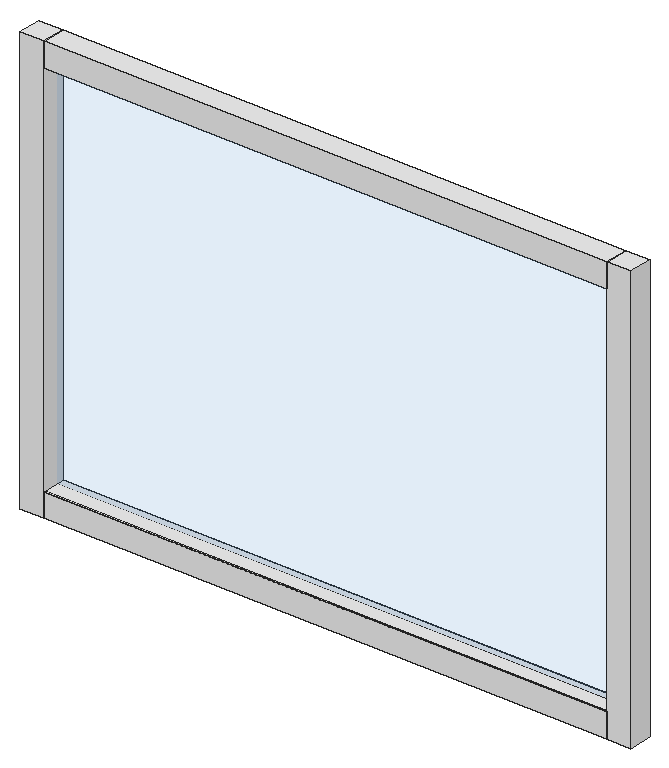
Revit family "Window_Curtain_Wall-Casement_Outswing-Kawneer-AA4325", category Windows, Revit 2015
Parameters (values of type "AA4325 - Outswing - Active")
  Window Width [instance] = if(CTRL Opening Width - Window Right Inset - Window Left Inset < Width Minimum, Width Minimum, if(CTRL Opening Width - Window Right Inset - Window Left Inset > Width Maximum, Width Maximum, CTRL Opening Width - Window Right Inset - Window Left Inset))  # 7' - 1.78655"
  Window Top Inset [instance] = 0' - 0"  # constant formula
  Window Right Inset [instance] = 0' - 0"  # constant formula
  Window Left Inset [instance] = 0' - 0"  # constant formula
  Window Height [instance] = if(CTRL Opening Height - Window Top Inset - Window Bottom Inset < Height Minimum, Height Minimum, if(CTRL Opening Height - Window Top Inset - Window Bottom Inset > Height Maximum, Height Maximum, CTRL Opening Height - Window Top Inset - Window Bottom Inset))  # 5' - 0"
  Window Bottom Inset [instance] = 0' - 0"  # constant formula
  Width Minimum = 1' - 0"
  Width Maximum = 10' - 0"
  URL = "http://www.kawneer.com/kawneer/north_america/en/info_page/home.asp"
  Type Comments = ""
  Sill Width = 0' - 3 3/8"  # constant formula
  Product data url = "https://bimobject.com/kawneerna/product/43250"
  Panel Configuration = if(CTRL Configuration Number < 2, "X", if(CTRL Configuration Number = 2, "XX", if(CTRL Configuration Number = 3, "X O-Top", if(CTRL Configuration Number = 4, "XX O-Top", if(CTRL Configuration Number = 5, "XX OO-Top", "X")))))  # "X"
  Model = "AA 4325"  # constant formula
  Manufacturer = "Kawneer"  # constant formula
  Keynote = ""
  Jamb Width = 0' - 3 3/8"  # constant formula
  Height Minimum = 1' - 5"
  Height Maximum = 5' - 0"
  Head Width = if(CTRL Configuration Number > 2, 0' 2 1/4", 0' 3 3/8")  # 0' - 3 3/8"
  Has Triple Glazing [instance] = not(Has Dual Glazing)  # no
  Has Fixed Panel Top [instance] = or(CTRL Configuration Number = 3, CTRL Configuration Number = 4, CTRL Configuration Number = 5)  # no
  Has Equal Panel Heights [instance] = yes
  Has Dual Glazing [instance] = yes
  Glazing Thickness [instance] = if(Has Triple Glazing, 0' 2", 0' 1")  # 0' - 1"
  Glazing Material = Glass - Kawneer - Clear
  Frame Material = Metal - Kawneer - Aluminum
  Fixed Panel Height [instance] = 5' - 0"
  Fixed Jamb Width = 0' - 2 1/4"  # constant formula
  Description = " Casement Outswing Window"  # constant formula
  Depth = 0' - 3 1/4"  # constant formula
  Copyright © = ""
  Construction Type = ""
  Interior Offset [instance] = 0' - 0"  # constant formula
  Center Mullion Width = 0' - 3 1/4"  # constant formula
  CTRL Right Panel Inset [instance] = Depth + 0' 0 1/8"  # 0' - 3 3/8"
  CTRL Panel Right Visibility [instance] = or(CTRL Configuration Number = 2, CTRL Configuration Number = 4, CTRL Configuration Number = 5)  # no
  CTRL Panel Middle Visibility [instance] = or(CTRL Configuration Number > 2)  # no
  CTRL Panel Left Visibility [instance] = 1 = 1  # yes
  CTRL Panel Fixed Width [instance] = if(CTRL Configuration Number > 2, Window Width, CTRL Panel Active Width)  # 6' - 11.97405"
  CTRL Panel Fixed Top Inset [instance] = 0' - 0"  # constant formula
  CTRL Panel Fixed Right Inset [instance] = 0' - 0"  # constant formula
  CTRL Panel Fixed Height [instance] = if(Has Equal Panel Heights, if((Fixed Panel Height + Active Panel Height) / 2 > Height Maximum, Height Maximum, if(Fixed Panel Height > Height Maximum, (Fixed Panel Height + Active Panel Height) / 2, if(Fixed Panel Height < Height Minimum, (Fixed Panel Height + Active Panel Height) / 2, (Fixed Panel Height + Active Panel Height) / 2))), if(Fixed Panel Height > Height Maximum, Height Maximum, if(Fixed Panel Height > Height Maximum, Height Maximum, if(Fixed Panel Height < Height Minimum, Height Minimum, Fixed Panel Height))))  # 5' - 0"
  CTRL Panel Active Width [instance] = if(CTRL Configuration Number > 3, (Window Width / 2) - 0' 0 29/32", if(CTRL Configuration Number > 2, (Window Width) - (0' 0 29/32" * 2), if(CTRL Configuration Number > 2, (Window Width / 3), if(CTRL Configuration Number > 1, (Window Width / 2) - 0' 0 29/32", if(CTRL Configuration Number > 1, (Window Width / 2), Window Width - (0' 0 29/32" * 2))))))  # 6' - 11.97405"
  CTRL Panel Active Top Inset [instance] = if(Has Fixed Panel Top, CTRL Panel Fixed Height, 0' 1")  # 0' - 1"
  CTRL Panel Active Right Inset [instance] = 0' - 0 29/32"  # constant formula
  CTRL Panel Active Frame Width = 0' - 2 11/32"  # constant formula
  CTRL Panel Active Height [instance] = if(CTRL Configuration Number < 3, Window Height - 0' 2", if(Has Equal Panel Heights, if(((Fixed Panel Height + Active Panel Height) / 2) - 0' 1" > Height Maximum, Height Maximum - 0' 1", if(Active Panel Height > Height Maximum, ((Fixed Panel Height + Active Panel Height) / 2) - 0' 1", if(Active Panel Height < Height Minimum, ((Fixed Panel Height + Active Panel Height) / 2) - 0' 1", ((Fixed Panel Height + Active Panel Height) / 2) - 0' 1"))), if(Active Panel Height > Height Maximum, Height Maximum - 0' 1", if(Active Panel Height < Height Minimum, Height Minimum - 0' 1", Active Panel Height - 0' 1"))))  # 4' - 10"
  CTRL Lite Width [instance] = if(CTRL Configuration Number > 2, ((Window Width) - (0' 2 7/16" * 2) - 0' 5") / 3, ((Window Width) - (0' 2 7/16" * 2) - 0' 2 1/2") / 2)  # 3' - 3.20577"
  CTRL Opening Width [instance] = 7' - 1.78655"
  CTRL Opening Height [instance] = 5' - 11 3/4"
  CTRL Middle Panel Inset [instance] = 0' - 0"  # constant formula
  CTRL Left Panel Inset [instance] = Depth + 0' 0 1/8"  # 0' - 3 3/8"
  Exterior Offset [instance] = 0' - 0"  # constant formula
  CTRL Configuration Number = 1
  CTRL Center Mullion Visiblility = or(CTRL Configuration Number = 5)  # no
  CTRL Active Panel Frame Offset [instance] = if(Has Fixed Panel Top, CTRL Panel Fixed Height, 0' 0")  # 0' - 0"
  CTRL Active Head Visibility = or(CTRL Configuration Number = 1, CTRL Configuration Number = 2)  # yes
  Assembly Code = "B2020110"
  Active Panel Height [instance] = 5' - 0"
Reference planes (in)
  plane 1 "Front": y = 0
  plane 2 "Original Ref. Plane": z = 0
  plane 3 "Center (Left/Right)": x = 0
  plane 4 "Left": x = -42.89327
  plane 5 "Right": x = 42.89327
  plane 6 "Top": z = 71.75
  plane 7 "Window Interior Offset": y = 0
  plane 8 "Window Center F/B": y = 0
  plane 9 "Exterior/Back": y = 1.625
  plane 10 "Interior/Front": y = -1.625
  plane 11 "Window Left": x = -42.89327
  plane 12 "Window Right": x = 42.89327
  plane 13 "Window Top": z = 60
  plane 14 "Head Bottom": z = 56.625
  plane 15 "Frame Left": x = -39.51827
  plane 16 "Frame Right": x = 39.51827
  plane 17 "Sill Top": z = 3.375
  plane 18 "Window Bottom": z = 0
  plane 19 "Panel Right L Inset": x = -39.64327
  plane 20 "Panel Right L": x = -41.98702
  plane 21 "Active Panel Top Inset": z = 56.65625
  plane 22 "Right Glass Ext. Offset": y = 1.75
  plane 23 "Right Glass Int. Offset": y = -1.5
  plane 24 "Right Panel Center L/R": y = 0.125
  plane 25 "Right Glass Exterior": y = 1.625
  plane 26 "Right Glass Interior": y = 0.625
  plane 27 "Mid Glass Int. Offset": y = -1.625
  plane 28 "Mid Panel Center L/R": y = 0
  plane 29 "Left Glass Ext. Offset": y = 1.75
  plane 30 "Left Glass Int. Offset": y = -1.5
  plane 31 "Left Glass Exterior": y = 1.625
  plane 32 "Left Glass Interior": y = 0.625
  plane 33 "Panel Left R": x = 41.98702
  plane 34 "Panel Left R Inset": x = 39.64327
  plane 35 "Mid Panel Left Rail R": x = -37.70577
  plane 36 "Mid Panel Left Rail L": x = -41.08077
  plane 37 "Mid Panel Right Rail R": x = 42.89327
  plane 38 "Mid Panel Right Rail L": x = 39.51827
  plane 39 "Exterior/Back Inset": y = 1.53125
  plane 40 "Interior/Front Inset": y = -1.53125
  plane 41 "Panel Right Center L/R": x = 0
  plane 42 "Panel Middle Center L/R": x = 0.90625
  plane 43 "Panel Left Center L/R": x = 0
  plane 44 "Left Panel Center L/R": y = 0.125
  plane 45 "Center Elevation": z = 30
  plane 46: y = -4.84375
  plane 47 "Active Panel Top": z = 59
  plane 48 "Panel Right R": x = 41.98702
  plane 49 "Panel Right R Inset": x = 39.64327
  plane 50 "Fixed Panel Top Inset": z = 56.625
  plane 51 "Fixed Panel Top": z = 60
  plane 52 "Active Panel Bottom": z = 1
  plane 53: z = 2.34375
  plane 54 "Active Panel Bottom Inset": z = 3.34375
  plane 55 "Panel Left L": x = -41.98702
  plane 56 "Panel Left L Inset": x = -39.64327
  plane 57 "Fixed Panel Bottom": z = 0
  plane 58 "Fixed Panel Bottom Inset": z = 3.375
  plane 59 "Left Glass Center L/R": y = 1.125
  plane 60 "Right Glass Center L/R": y = 1.125
  plane 61 "Fixed Glass Center T/B": z = 28.3125
  plane 62 "Center Mullion Right": x = 1.625
  plane 63 "Center Mullion Left": x = -1.625
  plane 64 "Fixed Jamb Right": x = 40.64327
  plane 65 "Fixed Jamb Left": x = -40.64327
  plane 66 "Active Panel Frame Top": z = 60
Forms (in)
  Sweep 1, solid, material "Metal - Kawneer - Aluminum" <- "Frame Material"
    path origin (-167.07026, 0, 40.44358) x (-1, 0, 0) y (0, 0, 1)
      loop
        line (-167.07026, -40.44358) -> (-167.07026, 19.55642)
    profile origin (0, 0, 30) x (1, 0, 0) y (0, 1, 0)
      loop
        line (-39.51827, -1.625) -> (-39.51827, 1.625) -> (-42.89327, 1.625) -> (-42.89327, -1.625) -> (-39.51827, -1.625)
      loop
        line (39.51827, -1.625) -> (42.89327, -1.625) -> (42.89327, 1.625) -> (39.51827, 1.625) -> (39.51827, -1.625)
  Sweep 2, solid, material "Metal - Kawneer - Aluminum" <- "Frame Material"
    path origin (-167.07026, 0, 40.31858) x (-1, 0, 0) y (0, 0, 1)
      loop
        line (-206.58854, -40.07858) -> (-127.55199, -40.07858)
    profile origin (0, 0, 0.24) x (0, 0, 1) y (0, 1, 0)
      loop
        line (3.135, -1.625) -> (3.135, 1.5625) -> (-0.24, 1.5625) -> (-0.24, -1.625) -> (3.135, -1.625)
  Sweep 3, solid, material "Metal - Kawneer - Aluminum" <- "Frame Material", visible <- "CTRL Active Head Visibility"
    path origin (-168.26142, 0, 112.26409) x (-1, 0, 0) y (0, 0, 1)
      loop
        line (-207.77969, -55.63909) -> (-128.74314, -55.63909)
    profile origin (0, 0, 56.625) x (0, 0, 1) y (0, 1, 0)
      loop
        line (0, 1.5625) -> (0, -1.625) -> (3.375, -1.625) -> (3.375, 1.5625) -> (0, 1.5625)
  Sweep 4, solid, material "Metal - Kawneer - Aluminum" <- "Frame Material"
    path origin (-167.33417, 0, 38.73517) x (-1, 0, 0) y (0, 0, 1)
      loop
        line (-206.85244, -38.73517) -> (-127.81589, -38.73517)
    profile origin (0, 0, 0) x (0, 0, 1) y (0, 1, 0)
      loop
        line (0, 1.625) -> (0, 1.5625) -> (3.375, 1.5625) -> (3.375, 1.625) -> (0, 1.625)
  Sweep 5, solid, material "Metal - Kawneer - Aluminum" <- "Frame Material", visible <- "CTRL Active Head Visibility"
    path origin (-168.38114, 0, 110.6278) x (-1, 0, 0) y (0, 0, 1)
      loop
        line (-207.89942, -50.6278) -> (-128.86287, -50.6278)
    profile origin (0, 0, 60) x (0, 0, 1) y (0, 1, 0)
      loop
        line (-3.375, 1.625) -> (-3.375, 1.5625) -> (0, 1.5625) -> (0, 1.625) -> (-3.375, 1.625)
  Sweep 6, solid, material "Glass - Kawneer - Clear" <- "Glazing Material", visible <- "CTRL Panel Left Visibility"
    path origin (0, -5.15625, 0) x (-1, 0, 0) y (0, 0, 1)
      loop
        line (39.64327, 3.34375) -> (-39.64327, 3.34375)
    profile origin (0, -5.15625, 3.34375) x (0, 0, -1) y (0, 1, 0)
      loop
        line (0, 6.78125) -> (-53.3125, 6.78125) -> (-53.3125, 5.78125) -> (0, 5.78125) -> (0, 6.78125)
  Sweep 7, solid, material "Glass - Kawneer - Clear" <- "Glazing Material", visible <- "CTRL Panel Right Visibility"
    path origin (0, 0.125, 0) x (-1, 0, 0) y (0, 0, 1)
      loop
        line (39.64327, 3.34375) -> (-39.64327, 3.34375)
    profile origin (0, 0.125, 3.34375) x (0, 0, -1) y (0, 1, 0)
      loop
        line (0, 1.5) -> (-53.3125, 1.5) -> (-53.3125, 0.5) -> (0, 0.5) -> (0, 1.5)
  Sweep 8, solid, material "Glass - Kawneer - Clear" <- "Glazing Material", visible <- "CTRL Panel Middle Visibility"
    path origin (0, 0, 0) x (-1, 0, 0) y (0, 0, 1)
      loop
        line (40.64327, 3.375) -> (-40.64327, 3.375)
    profile origin (0, 0, 3.375) x (0, 0, -1) y (0, 1, 0)
      loop
        line (0, 1.5) -> (-53.25, 1.5) -> (-53.25, 0.5) -> (0, 0.5) -> (0, 1.5)
  Sweep 9, solid, material "Metal - Kawneer - Aluminum" <- "Frame Material", visible <- "CTRL Panel Middle Visibility"
    path origin (0, 0, 0) x (-1, 0, 0) y (0, 0, 1)
      loop
        line (-40.64327, 60) -> (40.64327, 60)
    profile origin (0, 0, 60) x (0, 0, 1) y (0, 1, 0)
      loop
        line (0, -1.625) -> (0, 1.625) -> (-3.375, 1.625) -> (-3.375, -1.625) -> (0, -1.625)
      loop
        line (-60, 1.625) -> (-60, -1.625) -> (-56.625, -1.625) -> (-56.625, 1.625) -> (-60, 1.625)
  Sweep 10, solid, material "Metal - Kawneer - Aluminum" <- "Frame Material", visible <- "CTRL Panel Right Visibility"
    path origin (0, 0.125, 0) x (-1, 0, 0) y (0, 0, 1)
      loop
        line (-41.98702, 59) -> (-41.98702, 1) -> (41.98702, 1) -> (41.98702, 59) -> (-41.98702, 59)
    profile origin (41.98702, 0.125, 30) x (0, 1, 0) y (-1, 0, 0)
      loop
        line (-1.625, 0) -> (1.625, 0) -> (1.625, 2.34375) -> (-1.625, 2.34375) -> (-1.625, 0)
  Sweep 11, solid, material "Metal - Kawneer - Aluminum" <- "Frame Material", visible <- "CTRL Panel Left Visibility"
    path origin (0, 0.125, 0) x (-1, 0, 0) y (0, 0, 1)
      loop
        line (41.98702, 59) -> (-41.98702, 59) -> (-41.98702, 1) -> (41.98702, 1) -> (41.98702, 59)
    profile origin (-41.98702, 0.125, 30) x (0, 1, 0) y (-1, 0, 0)
      loop
        line (-1.625, 0) -> (-1.625, -2.34375) -> (1.625, -2.34375) -> (1.625, 0) -> (-1.625, 0)
  Sweep 12, solid, material "Metal - Kawneer - Aluminum" <- "Frame Material", visible <- "CTRL Panel Middle Visibility"
    path origin (0, 0, 0) x (-1, 0, 0) y (0, 0, 1)
      loop
        line (-0.90625, 0) -> (-0.90625, 60)
    profile origin (0.90625, 0, 30) x (1, 0, 0) y (0, 1, 0)
      loop
        line (-41.54952, -1.625) -> (-41.54952, 1.625) -> (-41.98702, 1.625) -> (-41.98702, -1.625) -> (-41.54952, -1.625)
      loop
        line (39.73702, -1.625) -> (41.98702, -1.625) -> (41.98702, 1.625) -> (39.73702, 1.625) -> (39.73702, -1.625)
  Sweep 13, solid, material "Metal - Kawneer - Aluminum" <- "Frame Material", visible <- "CTRL Center Mullion Visiblility"
    path origin (0, 0.125, 0) x (-1, 0, 0) y (0, 0, 1)
      loop
        line (0, 3.375) -> (0, 56.625)
    profile origin (0, 0.125, 30) x (1, 0, 0) y (0, 1, 0)
      loop
        line (-1.625, 1.5) -> (-1.625, -1.75) -> (1.625, -1.75) -> (1.625, 1.5) -> (-1.625, 1.5)
Cuts and joins
  joined: Sweep 2, Sweep 4
  joined: Sweep 3, Sweep 5
  joined: Sweep 9, Sweep 12
Lines and regions (in)
  Masking region 1
    outline origin (0, 0, 71.75) x (0, -1, 0) y (1, 0, 0)
      loop
        line (1.625, 42.89327) -> (-1.75, 42.89327) -> (-1.75, -42.89327) -> (1.625, -42.89327) -> (1.625, 42.89327)
  Masking region 2, not visible
    outline origin (0, 0, 30) x (1, 0, 0) y (0, 1, 0)
      loop
        line (-42.89327, 1.625) -> (-42.89327, 1.5625) -> (-39.51827, 1.5625) -> (-39.51827, 1.625) -> (-42.89327, 1.625)
  Masking region 3, visible <- "Has Fixed Panel Top"
    outline origin (0, 0.125, 0) x (-1, 0, 0) y (0, 0, 1)
      loop
        line (-42.89327, 60) -> (-42.89327, 0) -> (42.89327, 0) -> (42.89327, 60) -> (-42.89327, 60)
      loop
        line (-40.64327, 56.625) -> (-40.64327, 3.375) -> (40.64327, 3.375) -> (40.64327, 56.625) -> (-40.64327, 56.625)
  Masking region 4, visible <- "Has Fixed Panel Top"
    outline origin (0, 0.125, 0) x (-1, 0, 0) y (0, 0, 1)
      loop
        line (-40.64327, 56.625) -> (-40.64327, 3.375) -> (40.64327, 3.375) -> (40.64327, 56.625) -> (-40.64327, 56.625)
  Masking region 5
    outline origin (0, 0.125, 0) x (-1, 0, 0) y (0, 0, 1)
      loop
        line (-42.89327, 60) -> (-42.89327, 0) -> (-39.51827, 0) -> (-39.51827, 60) -> (-42.89327, 60)
      loop
        line (39.51827, 60) -> (39.51827, 0) -> (42.89327, 0) -> (42.89327, 60) -> (39.51827, 60)
  Masking region 6, visible <- "CTRL Center Mullion Visiblility"
    outline origin (0, 0.125, 0) x (-1, 0, 0) y (0, 0, 1)
      loop
        line (-1.625, 56.625) -> (-1.625, 3.375) -> (1.625, 3.375) -> (1.625, 56.625) -> (-1.625, 56.625)
  Masking region 7, visible <- "CTRL Panel Right Visibility"
    outline origin (0, 0.125, 0) x (-1, 0, 0) y (0, 0, 1)
      loop
        line (-39.51827, 56.65625) -> (-39.51827, 3.375) -> (39.64327, 3.375) -> (39.64327, 56.65625) -> (-39.51827, 56.65625)
  Masking region 8, visible <- "CTRL Panel Left Visibility"
    outline origin (0, 0.125, 0) x (-1, 0, 0) y (0, 0, 1)
      loop
        line (-39.64327, 56.65625) -> (-39.64327, 3.375) -> (39.51827, 3.375) -> (39.51827, 56.65625) -> (-39.64327, 56.65625)
  Masking region 9
    outline origin (0, 0.125, 0) x (-1, 0, 0) y (0, 0, 1)
      loop
        line (-39.51827, 3.375) -> (-39.51827, 0) -> (39.51827, 0) -> (39.51827, 3.375) -> (-39.51827, 3.375)
  Masking region 10, visible <- "CTRL Panel Right Visibility"
    outline origin (0, 1.75, 0) x (-1, 0, 0) y (0, 0, 1)
      loop
        line (-41.98702, 59) -> (-41.98702, 1) -> (41.98702, 1) -> (41.98702, 59) -> (-41.98702, 59)
      loop
        line (-39.51827, 56.65625) -> (-39.51827, 3.375) -> (39.64327, 3.375) -> (39.64327, 56.65625) -> (-39.51827, 56.65625)
  Masking region 11, visible <- "CTRL Panel Left Visibility"
    outline origin (0, 1.75, 0) x (-1, 0, 0) y (0, 0, 1)
      loop
        line (-41.98702, 59) -> (-41.98702, 1) -> (41.98702, 1) -> (41.98702, 59) -> (-41.98702, 59)
      loop
        line (-39.64327, 56.65625) -> (-39.64327, 3.375) -> (39.51827, 3.375) -> (39.51827, 56.65625) -> (-39.64327, 56.65625)
  Masking region 12, visible <- "CTRL Active Head Visibility"
    outline origin (0, 0.125, 0) x (-1, 0, 0) y (0, 0, 1)
      loop
        line (-39.51827, 60) -> (-39.51827, 56.625) -> (39.51827, 56.625) -> (39.51827, 60) -> (-39.51827, 60)
  Masking region 13
    outline origin (42.89327, 0, 0) x (0, -1, 0) y (0, 0, 1)
      loop
        line (1.625, 60) -> (-1.75, 60) -> (-1.75, 0) -> (1.625, 0) -> (1.625, 60)
  symbolic lines, style "Elevation Swing", visible <- "CTRL Panel Right Visibility", detail levels fine
    curve 1: line (-39.64327, 0.125, 56.65625) -> (39.64327, 0.125, 30)
    curve 2: line (-39.64327, 0.125, 3.34375) -> (39.64327, 0.125, 30)
  symbolic lines, style "Elevation Swing", visible <- "CTRL Panel Left Visibility", detail levels fine
    curve 3: line (39.64327, 0.125, 56.65625) -> (-39.64327, 0.125, 30)
    curve 4: line (39.64327, 0.125, 3.34375) -> (-39.64327, 0.125, 30)
  symbolic lines, style "WindowsFrameMullionProjection"
    curve 5: line (-39.51827, 1.75, 30) -> (-39.51827, -1.625, 30)
    curve 12: line (39.64327, 1.625, 30) -> (39.64327, -1.625, 30)
    curve 16: line (42.89327, -1.625, 56.65625) -> (42.89327, 1.75, 56.65625)
    curve 17: line (42.89327, -1.625, 3.375) -> (42.89327, 1.625, 3.375)
    curve 24: line (39.64327, 1.625, 30) -> (39.64327, 1.75, 30)
  symbolic lines, style "WindowsFrameMullionProjection", visible <- "CTRL Panel Right Visibility"
    curve 6: line (39.64327, 1.75, 30) -> (39.64327, -1.625, 30)
    curve 13: line (-39.64327, 1.75, 30) -> (-39.64327, -1.625, 30)
  symbolic lines, style "WindowsGlassProjection", visible <- "CTRL Panel Left Visibility", detail levels medium+fine
    curve 7: line (-39.51827, 0.625, 30) -> (39.64327, 0.625, 30)
    curve 8: line (39.64327, 1.625, 30) -> (-39.51827, 1.625, 30)
  symbolic lines, style "WindowsGlassProjection", visible <- "CTRL Panel Right Visibility", detail levels medium+fine
    curve 9: line (-39.64327, 1.625, 30) -> (39.64327, 1.625, 30)
    curve 10: line (39.64327, 0.625, 30) -> (-39.64327, 0.625, 30)
  symbolic lines, style "WindowsGlassProjection", visible <- "CTRL Panel Left Visibility", detail levels coarse
    curve 11: line (39.64327, 1.125, 30) -> (-39.51827, 1.125, 30)
  symbolic lines, style "WindowsFrameMullionProjection", visible <- "Has Fixed Panel Top"
    curve 14: line (42.89327, -1.625, 56.625) -> (42.89327, 1.75, 56.625)
    curve 15: line (42.89327, -1.625, 3.375) -> (42.89327, 1.75, 3.375)
  symbolic lines, style "WindowsGlassProjection", visible <- "Has Fixed Panel Top", detail levels medium+fine
    curve 18: line (42.89327, 0.625, 56.625) -> (42.89327, 0.625, 3.375)
    curve 19: line (42.89327, 1.625, 3.375) -> (42.89327, 1.625, 56.625)
  symbolic lines, style "WindowsGlassProjection", visible <- "Has Fixed Panel Top", detail levels coarse
    curve 20: line (42.89327, 1.125, 56.625) -> (42.89327, 1.125, 3.375)
  symbolic lines, style "WindowsGlassProjection", detail levels medium+fine
    curve 21: line (42.89327, 0.625, 56.65625) -> (42.89327, 0.625, 3.375)
    curve 22: line (42.89327, 1.625, 56.65625) -> (42.89327, 1.625, 3.375)
  symbolic lines, style "WindowsGlassProjection", detail levels coarse
    curve 23: line (42.89327, 1.125, 56.65625) -> (42.89327, 1.125, 3.375)
  symbolic lines, style "WindowsGlassProjection", visible <- "CTRL Panel Right Visibility", detail levels coarse
    curve 25: line (-39.64327, 1.125, 30) -> (39.64327, 1.125, 30)
Text (in)
  text "Exterior" at (-89.86254, 22.28177, 0), in view "Ref. Level"
  text "Exterior" at (480, 41.53993, 89.60405), in view "Right"
  text "Exterior" at (-240, 57.82419, 105.78864), in view "Left"
Dimensions and locks (in)
  "Interior Offset": plane 7 "Window Interior Offset" to plane 1 "Front"
  "Exterior Offset": plane 8 "Window Center F/B" to plane 7 "Window Interior Offset"
  equal spacing: plane 9 "Exterior/Back", plane 8 "Window Center F/B", plane 10 "Interior/Front"
  "Depth": plane 9 "Exterior/Back" to plane 10 "Interior/Front"
  "Head Width": plane 14 "Head Bottom" to plane 13 "Window Top"
  "Jamb Width": plane 16 "Frame Right" to plane 12 "Window Right"
  "Jamb Width": plane 11 "Window Left" to plane 15 "Frame Left"
  "Sill Width": plane 18 "Window Bottom" to plane 17 "Sill Top"
  "CTRL Opening Width": plane 4 "Left" to plane 5 "Right"
  "Glazing Thickness": plane 26 "Right Glass Interior" to plane 25 "Right Glass Exterior"
  "Glazing Thickness": plane 32 "Left Glass Interior" to plane 31 "Left Glass Exterior"
  "CTRL Panel Active Frame Width": plane 34 "Panel Left R Inset" to plane 33 "Panel Left R"
  "Jamb Width": plane 38 "Mid Panel Right Rail L" to plane 37 "Mid Panel Right Rail R"
  "Jamb Width": plane 36 "Mid Panel Left Rail L" to plane 35 "Mid Panel Left Rail R"
  locked: plane 10 "Interior/Front" to plane 40 "Interior/Front Inset" at 0.09375
  locked: plane 39 "Exterior/Back Inset" to plane 9 "Exterior/Back" at 0.09375
  "CTRL Right Panel Inset": plane 10 "Interior/Front" to plane 22 "Right Glass Ext. Offset"
  "CTRL Middle Panel Inset": plane 10 "Interior/Front" to plane 27 "Mid Glass Int. Offset"
  "CTRL Left Panel Inset": plane 10 "Interior/Front" to plane 29 "Left Glass Ext. Offset"
  "Window Left Inset": plane 4 "Left" to plane 11 "Window Left"
  "Window Width": plane 11 "Window Left" to plane 12 "Window Right"
  "Window Bottom Inset": plane 2 "Original Ref. Plane" to plane 18 "Window Bottom"
  equal spacing: plane 52 "Active Panel Bottom", plane 45 "Center Elevation", plane 47 "Active Panel Top"
  plane 38 "Mid Panel Right Rail L" to plane 37 "Mid Panel Right Rail R" = 0' - 3 3/8"
  equal spacing: plane 30 "Left Glass Int. Offset", plane 44 "Left Panel Center L/R", plane 29 "Left Glass Ext. Offset"
  "Depth": plane 30 "Left Glass Int. Offset" to plane 29 "Left Glass Ext. Offset"
  plane 27 "Mid Glass Int. Offset" to plane 28 "Mid Panel Center L/R" = 0' - 1 5/8"
  equal spacing: plane 23 "Right Glass Int. Offset", plane 24 "Right Panel Center L/R", plane 22 "Right Glass Ext. Offset"
  "Depth": plane 23 "Right Glass Int. Offset" to plane 22 "Right Glass Ext. Offset"
  locked: plane 31 "Left Glass Exterior" to plane 29 "Left Glass Ext. Offset" at 0.125
  locked: plane 25 "Right Glass Exterior" to plane 22 "Right Glass Ext. Offset" at 0.125
  "CTRL Panel Active Frame Width": plane 21 "Active Panel Top Inset" to plane 47 "Active Panel Top"
  "CTRL Panel Active Frame Width": plane 49 "Panel Right R Inset" to plane 48 "Panel Right R"
  "Head Width": plane 50 "Fixed Panel Top Inset" to plane 51 "Fixed Panel Top"
  "CTRL Panel Active Frame Width": plane 20 "Panel Right L" to plane 19 "Panel Right L Inset"
  "CTRL Panel Active Frame Width": plane 52 "Active Panel Bottom" to plane 54 "Active Panel Bottom Inset"
  locked: plane 53 to plane 54 "Active Panel Bottom Inset" at 1
  "CTRL Panel Active Frame Width": plane 56 "Panel Left L Inset" to plane 55 "Panel Left L"
  equal spacing: plane 20 "Panel Right L", plane 41 "Panel Right Center L/R", plane 48 "Panel Right R"
  equal spacing: plane 55 "Panel Left L", plane 43 "Panel Left Center L/R", plane 33 "Panel Left R"
  "Head Width": plane 57 "Fixed Panel Bottom" to plane 58 "Fixed Panel Bottom Inset"
  equal spacing: plane 36 "Mid Panel Left Rail L", plane 42 "Panel Middle Center L/R", plane 37 "Mid Panel Right Rail R"
  "CTRL Panel Active Height": plane 52 "Active Panel Bottom" to plane 47 "Active Panel Top"
  "CTRL Panel Fixed Height": plane 57 "Fixed Panel Bottom" to plane 51 "Fixed Panel Top"
  "CTRL Panel Active Width": plane 20 "Panel Right L" to plane 48 "Panel Right R"
  "CTRL Panel Active Width": plane 55 "Panel Left L" to plane 33 "Panel Left R"
  "CTRL Panel Fixed Width": plane 36 "Mid Panel Left Rail L" to plane 37 "Mid Panel Right Rail R"
  "CTRL Panel Fixed Top Inset": plane 51 "Fixed Panel Top" to plane 13 "Window Top"
  "CTRL Panel Active Top Inset": plane 47 "Active Panel Top" to plane 13 "Window Top"
  "CTRL Panel Fixed Right Inset": plane 37 "Mid Panel Right Rail R" to plane 12 "Window Right"
  "CTRL Panel Active Right Inset": plane 48 "Panel Right R" to plane 12 "Window Right"
  locked: plane 11 "Window Left" to plane 55 "Panel Left L" at 0.90625
  equal spacing: plane 32 "Left Glass Interior", plane 59 "Left Glass Center L/R", plane 31 "Left Glass Exterior"
  equal spacing: plane 26 "Right Glass Interior", plane 60 "Right Glass Center L/R", plane 25 "Right Glass Exterior"
  equal spacing: plane 57 "Fixed Panel Bottom", plane 61 "Fixed Glass Center T/B", plane 50 "Fixed Panel Top Inset"
  "Center Mullion Width": plane 62 "Center Mullion Right" to plane 63 "Center Mullion Left"
  "Fixed Jamb Width": plane 64 "Fixed Jamb Right" to plane 12 "Window Right"
  "Fixed Jamb Width": plane 11 "Window Left" to plane 65 "Fixed Jamb Left"
  "CTRL Active Panel Frame Offset": plane 66 "Active Panel Frame Top" to plane 13 "Window Top"
  plane 11 "Window Left" to plane 65 "Fixed Jamb Left" = 0' - 2 1/4"
  plane 64 "Fixed Jamb Right" to plane 12 "Window Right" = 0' - 2 1/4"
  equal spacing: plane 62 "Center Mullion Right", plane 3 "Center (Left/Right)", plane 63 "Center Mullion Left"
  plane 18 "Window Bottom" to plane 52 "Active Panel Bottom" = 0' - 1"
  "CTRL Opening Height": plane 2 "Original Ref. Plane" to plane 6 "Top"
  equal spacing: plane 11 "Window Left", plane 3 "Center (Left/Right)", plane 12 "Window Right"
  aligned and locked: level to plane 2 "Original Ref. Plane"
  aligned and locked: Sweep 1 sketch curve to plane 3 "Center (Left/Right)"
  aligned and locked: plane 11 "Window Left" to Sweep 1 sketch curve
  aligned and locked: Sweep 1 sketch curve to plane 15 "Frame Left"
  aligned and locked: Sweep 1 sketch curve to plane 10 "Interior/Front"
  aligned and locked: plane 12 "Window Right" to Sweep 1 sketch curve
  aligned and locked: Sweep 1 sketch curve to plane 16 "Frame Right"
  aligned and locked: plane 10 "Interior/Front" to Sweep 1 sketch curve
  aligned and locked: plane 17 "Sill Top" to Sweep 2 sketch curve
  aligned and locked: Sweep 3 sketch curve to plane 14 "Head Bottom"
  aligned and locked: plane 10 "Interior/Front" to Sweep 3 sketch curve
  aligned and locked: plane 14 "Head Bottom" to Sweep 3 sketch curve
  aligned and locked: Sweep 4 sketch curve to plane 9 "Exterior/Back"
  aligned and locked: Sweep 5 sketch curve to plane 9 "Exterior/Back"
  aligned and locked: plane 14 "Head Bottom" to Sweep 5 sketch curve
  aligned and locked: Masking region 1 sketch curve to plane 11 "Window Left"
  aligned and locked: plane 10 "Interior/Front" to Masking region 1 sketch curve
  aligned and locked: plane 12 "Window Right" to Masking region 1 sketch curve
  aligned: plane 18 "Window Bottom" to Sweep 1
  aligned and locked: plane 18 "Window Bottom" to Sweep 2 sketch curve
  aligned and locked: Sweep 3 sketch curve to plane 13 "Window Top"
  aligned and locked: Sweep 4 sketch curve to plane 17 "Sill Top"
  aligned and locked: plane 16 "Frame Right" to Sweep 2 sketch curve
  aligned and locked: plane 15 "Frame Left" to Sweep 2 sketch curve
  aligned and locked: plane 15 "Frame Left" to Sweep 4 sketch curve
  aligned and locked: plane 16 "Frame Right" to Sweep 4 sketch curve
  aligned and locked: plane 18 "Window Bottom" to Sweep 1 sketch curve
  aligned and locked: Sweep 6 sketch curve to plane 21 "Active Panel Top Inset"
  aligned and locked: Sweep 6 sketch curve to plane 31 "Left Glass Exterior"
  aligned and locked: plane 32 "Left Glass Interior" to Sweep 6 sketch curve
  aligned and locked: plane 34 "Panel Left R Inset" to Sweep 6 sketch curve
  aligned and locked: plane 19 "Panel Right L Inset" to Sweep 7 sketch curve
  aligned and locked: plane 26 "Right Glass Interior" to Sweep 7 sketch curve
  aligned and locked: Sweep 7 sketch curve to plane 25 "Right Glass Exterior"
  aligned and locked: Sweep 7 sketch curve to plane 21 "Active Panel Top Inset"
  aligned and locked: plane 10 "Interior/Front" to Sweep 2 sketch curve
  aligned and locked: Sweep 6 to plane 32 "Left Glass Interior"
  aligned and locked: plane 31 "Left Glass Exterior" to Sweep 6
  aligned and locked: plane 27 "Mid Glass Int. Offset" to Sweep 9 sketch curve
  aligned and locked: plane 23 "Right Glass Int. Offset" to Sweep 10 sketch curve
  aligned and locked: Sweep 11 sketch curve to plane 30 "Left Glass Int. Offset"
  aligned and locked: plane 29 "Left Glass Ext. Offset" to Sweep 11 sketch curve
  aligned: plane 35 "Mid Panel Left Rail R" to Sweep 9
  aligned and locked: plane 47 "Active Panel Top" to Sweep 10 sketch curve
  aligned and locked: Sweep 10 sketch curve to plane 48 "Panel Right R"
  aligned and locked: Sweep 10 sketch curve to plane 49 "Panel Right R Inset"
  aligned and locked: plane 48 "Panel Right R" to Sweep 10 sketch curve
  aligned and locked: Sweep 10 sketch curve to plane 22 "Right Glass Ext. Offset"
  aligned and locked: plane 49 "Panel Right R Inset" to Sweep 7 sketch curve
  aligned and locked: Sweep 10 sketch curve to plane 20 "Panel Right L"
  aligned and locked: plane 55 "Panel Left L" to Sweep 11 sketch curve
  aligned and locked: plane 47 "Active Panel Top" to Sweep 11 sketch curve
  aligned and locked: Sweep 11 sketch curve to plane 33 "Panel Left R"
  aligned and locked: Sweep 11 sketch curve to plane 52 "Active Panel Bottom"
  aligned and locked: plane 56 "Panel Left L Inset" to Sweep 11 sketch curve
  aligned and locked: Sweep 11 sketch curve to plane 55 "Panel Left L"
  aligned and locked: plane 54 "Active Panel Bottom Inset" to Sweep 7 sketch curve  (x2)
  aligned and locked: plane 56 "Panel Left L Inset" to Sweep 6 sketch curve
  aligned and locked: plane 54 "Active Panel Bottom Inset" to Sweep 6 sketch curve  (x2)
  aligned and locked: plane 58 "Fixed Panel Bottom Inset" to Sweep 8 sketch curve  (x2)
  aligned and locked: Sweep 8 sketch curve to plane 50 "Fixed Panel Top Inset"
  aligned and locked: Sweep 9 sketch curve to plane 51 "Fixed Panel Top"  (x2)
  aligned and locked: plane 50 "Fixed Panel Top Inset" to Sweep 9 sketch curve
  aligned and locked: Sweep 9 sketch curve to plane 58 "Fixed Panel Bottom Inset"
  aligned and locked: plane 57 "Fixed Panel Bottom" to Sweep 9 sketch curve
  aligned and locked: plane 51 "Fixed Panel Top" to Sweep 12 sketch curve
  aligned and locked: plane 27 "Mid Glass Int. Offset" to Sweep 12 sketch curve
  aligned and locked: Sweep 12 sketch curve to plane 36 "Mid Panel Left Rail L"
  aligned and locked: Sweep 12 sketch curve to plane 37 "Mid Panel Right Rail R"
  aligned and locked: Sweep 12 sketch curve to plane 27 "Mid Glass Int. Offset"
  aligned and locked: plane 52 "Active Panel Bottom" to Sweep 10 sketch curve
  aligned and locked: plane 45 "Center Elevation" to curve 2
  aligned and locked: plane 49 "Panel Right R Inset" to curve 2
  aligned and locked: plane 54 "Active Panel Bottom Inset" to curve 2
  aligned and locked: plane 19 "Panel Right L Inset" to curve 2
  aligned and locked: plane 21 "Active Panel Top Inset" to curve 1
  aligned and locked: plane 19 "Panel Right L Inset" to curve 1
  aligned and locked: plane 34 "Panel Left R Inset" to curve 3
  aligned and locked: plane 21 "Active Panel Top Inset" to curve 3
  aligned and locked: plane 34 "Panel Left R Inset" to curve 4
  aligned and locked: plane 54 "Active Panel Bottom Inset" to curve 4
  aligned and locked: plane 45 "Center Elevation" to curve 3
  aligned and locked: plane 56 "Panel Left L Inset" to curve 3
  aligned and locked: plane 42 "Panel Middle Center L/R" to Sweep 12 sketch curve
  aligned and locked: plane 57 "Fixed Panel Bottom" to Sweep 12 sketch curve
  aligned and locked: Sweep 11 to plane 21 "Active Panel Top Inset"
  aligned and locked: Sweep 10 to plane 21 "Active Panel Top Inset"
  aligned and locked: Masking region 2 sketch curve to Sweep 1
  aligned and locked: plane 50 "Fixed Panel Top Inset" to Sweep 13 sketch curve
  aligned and locked: plane 58 "Fixed Panel Bottom Inset" to Sweep 13 sketch curve
  aligned and locked: plane 63 "Center Mullion Left" to Sweep 13 sketch curve
  aligned and locked: Sweep 13 sketch curve to plane 62 "Center Mullion Right"
  aligned and locked: plane 10 "Interior/Front" to Sweep 13 sketch curve
  aligned and locked: Sweep 13 sketch curve to plane 9 "Exterior/Back"
  aligned and locked: Masking region 1 sketch curve to plane 29 "Left Glass Ext. Offset"
  aligned and locked: plane 15 "Frame Left" to curve 5
  aligned and locked: plane 10 "Interior/Front" to curve 5
  aligned and locked: plane 29 "Left Glass Ext. Offset" to curve 5
  aligned and locked: plane 10 "Interior/Front" to curve 6
  aligned and locked: plane 22 "Right Glass Ext. Offset" to curve 6
  aligned and locked: curve 7 to plane 32 "Left Glass Interior"
  aligned and locked: plane 31 "Left Glass Exterior" to curve 8
  aligned and locked: plane 32 "Left Glass Interior" to curve 10
  aligned and locked: plane 59 "Left Glass Center L/R" to curve 11
  aligned and locked: curve 9 to plane 25 "Right Glass Exterior"
  aligned and locked: plane 10 "Interior/Front" to curve 12
  aligned and locked: plane 19 "Panel Right L Inset" to curve 13
  aligned and locked: plane 10 "Interior/Front" to curve 13
  aligned and locked: plane 29 "Left Glass Ext. Offset" to curve 13
  aligned and locked: Sweep 12 sketch curve to plane 65 "Fixed Jamb Left"
  aligned and locked: Sweep 12 sketch curve to plane 64 "Fixed Jamb Right"
  aligned and locked: plane 64 "Fixed Jamb Right" to Sweep 8 sketch curve
  aligned and locked: plane 65 "Fixed Jamb Left" to Sweep 8 sketch curve
  aligned and locked: Sweep 1 sketch curve to plane 9 "Exterior/Back"
  aligned and locked: plane 9 "Exterior/Back" to Sweep 1 sketch curve
  aligned and locked: plane 66 "Active Panel Frame Top" to Sweep 1 sketch curve
  aligned and locked: plane 64 "Fixed Jamb Right" to Sweep 9 sketch curve
  aligned and locked: plane 65 "Fixed Jamb Left" to Sweep 9 sketch curve
  aligned and locked: Masking region 3 sketch curve to plane 51 "Fixed Panel Top"
  aligned and locked: Masking region 3 sketch curve to plane 11 "Window Left"
  aligned and locked: plane 12 "Window Right" to Masking region 3 sketch curve
  aligned and locked: Masking region 3 sketch curve to plane 50 "Fixed Panel Top Inset"
  aligned and locked: plane 65 "Fixed Jamb Left" to Masking region 3 sketch curve
  aligned and locked: Masking region 3 sketch curve to plane 64 "Fixed Jamb Right"
  aligned and locked: plane 65 "Fixed Jamb Left" to Masking region 4 sketch curve
  aligned and locked: Masking region 4 sketch curve to plane 50 "Fixed Panel Top Inset"
  aligned and locked: Masking region 4 sketch curve to plane 64 "Fixed Jamb Right"
  aligned and locked: plane 57 "Fixed Panel Bottom" to Masking region 3 sketch curve
  aligned and locked: plane 58 "Fixed Panel Bottom Inset" to Masking region 3 sketch curve
  aligned and locked: plane 58 "Fixed Panel Bottom Inset" to Masking region 4 sketch curve
  aligned and locked: plane 18 "Window Bottom" to Masking region 5 sketch curve  (x2)
  aligned and locked: Masking region 5 sketch curve to plane 11 "Window Left"
  aligned and locked: plane 15 "Frame Left" to Masking region 5 sketch curve
  aligned and locked: Masking region 5 sketch curve to plane 66 "Active Panel Frame Top"  (x2)
  aligned and locked: Masking region 5 sketch curve to plane 16 "Frame Right"
  aligned and locked: plane 12 "Window Right" to Masking region 5 sketch curve
  aligned and locked: Masking region 6 sketch curve to plane 50 "Fixed Panel Top Inset"
  aligned and locked: plane 58 "Fixed Panel Bottom Inset" to Masking region 6 sketch curve
  aligned and locked: Masking region 6 sketch curve to plane 62 "Center Mullion Right"
  aligned and locked: plane 63 "Center Mullion Left" to Masking region 6 sketch curve
  aligned and locked: Masking region 7 sketch curve to plane 21 "Active Panel Top Inset"
  aligned and locked: Masking region 7 sketch curve to plane 19 "Panel Right L Inset"
  aligned and locked: plane 16 "Frame Right" to Masking region 7 sketch curve
  aligned and locked: Masking region 8 sketch curve to plane 21 "Active Panel Top Inset"
  aligned and locked: Masking region 8 sketch curve to plane 15 "Frame Left"
  aligned and locked: plane 34 "Panel Left R Inset" to Masking region 8 sketch curve
  aligned and locked: plane 18 "Window Bottom" to Masking region 9 sketch curve
  aligned and locked: plane 16 "Frame Right" to Masking region 9 sketch curve
  aligned and locked: Masking region 9 sketch curve to plane 17 "Sill Top"
  aligned and locked: Masking region 9 sketch curve to plane 15 "Frame Left"
  aligned and locked: plane 17 "Sill Top" to Masking region 7 sketch curve
  aligned and locked: plane 17 "Sill Top" to Masking region 8 sketch curve
  aligned and locked: Masking region 10 sketch curve to plane 47 "Active Panel Top"
  aligned and locked: plane 48 "Panel Right R" to Masking region 10 sketch curve
  aligned and locked: plane 52 "Active Panel Bottom" to Masking region 10 sketch curve
  aligned and locked: Masking region 10 sketch curve to plane 20 "Panel Right L"
  aligned and locked: Masking region 10 sketch curve to plane 19 "Panel Right L Inset"
  aligned and locked: plane 17 "Sill Top" to Masking region 10 sketch curve
  aligned and locked: Masking region 10 sketch curve to plane 21 "Active Panel Top Inset"
  aligned and locked: plane 16 "Frame Right" to Masking region 10 sketch curve
  aligned and locked: Masking region 11 sketch curve to plane 47 "Active Panel Top"
  aligned and locked: Masking region 11 sketch curve to plane 21 "Active Panel Top Inset"
  aligned and locked: plane 55 "Panel Left L" to Masking region 11 sketch curve
  aligned and locked: Masking region 11 sketch curve to plane 15 "Frame Left"
  aligned and locked: plane 52 "Active Panel Bottom" to Masking region 11 sketch curve
  aligned and locked: plane 17 "Sill Top" to Masking region 11 sketch curve
  aligned and locked: plane 34 "Panel Left R Inset" to Masking region 11 sketch curve
  aligned and locked: plane 33 "Panel Left R" to Masking region 11 sketch curve
  aligned and locked: Sweep 9 sketch curve to plane 10 "Interior/Front"
  aligned and locked: plane 16 "Frame Right" to Masking region 12 sketch curve
  aligned and locked: Masking region 12 sketch curve to plane 15 "Frame Left"
  aligned and locked: Masking region 12 sketch curve to plane 13 "Window Top"
  aligned and locked: plane 14 "Head Bottom" to Masking region 12 sketch curve
  aligned and locked: Sweep 4 sketch curve to plane 18 "Window Bottom"
  aligned and locked: Masking region 13 sketch curve to plane 13 "Window Top"
  aligned and locked: plane 18 "Window Bottom" to Masking region 13 sketch curve
  aligned and locked: Masking region 13 sketch curve to plane 29 "Left Glass Ext. Offset"
  aligned and locked: plane 10 "Interior/Front" to Masking region 13 sketch curve
  aligned and locked: curve 14 to plane 14 "Head Bottom"
  aligned and locked: plane 10 "Interior/Front" to curve 14
  aligned and locked: plane 29 "Left Glass Ext. Offset" to curve 14
  aligned and locked: curve 15 to plane 58 "Fixed Panel Bottom Inset"
  aligned and locked: plane 10 "Interior/Front" to curve 15
  aligned and locked: plane 29 "Left Glass Ext. Offset" to curve 15
  aligned and locked: curve 16 to plane 21 "Active Panel Top Inset"
  aligned and locked: plane 10 "Interior/Front" to curve 16
  aligned and locked: plane 29 "Left Glass Ext. Offset" to curve 16
  aligned and locked: curve 17 to plane 17 "Sill Top"
  aligned and locked: plane 10 "Interior/Front" to curve 17
  aligned and locked: curve 18 to plane 32 "Left Glass Interior"
  aligned and locked: plane 31 "Left Glass Exterior" to curve 19
  aligned and locked: curve 20 to plane 59 "Left Glass Center L/R"
  aligned and locked: curve 21 to plane 32 "Left Glass Interior"
  aligned and locked: plane 31 "Left Glass Exterior" to curve 22
  aligned and locked: curve 23 to plane 59 "Left Glass Center L/R"
  aligned and locked: curve 25 to plane 60 "Right Glass Center L/R"
  aligned and locked: plane 49 "Panel Right R Inset" to curve 12
  aligned and locked: plane 16 "Frame Right" to Sweep 3 sketch curve
  aligned and locked: plane 15 "Frame Left" to Sweep 3 sketch curve
  aligned and locked: plane 16 "Frame Right" to Sweep 5 sketch curve
  aligned and locked: plane 15 "Frame Left" to Sweep 5 sketch curve
  aligned and locked: plane 21 "Active Panel Top Inset" to curve 22
  aligned and locked: plane 17 "Sill Top" to curve 22
Automatic sketch dimensions
  plane 18 "Window Bottom" to Sweep 2 sketch curve = 0' - 0.24"
  Sweep 10 sketch curve to plane 24 "Right Panel Center L/R" = 0' - 1 5/8"
  Sweep 5 sketch curve to plane 13 "Window Top" = 0' - 0"
  profile plane to Sweep 5 sketch curve = 0' - 0"
  Sweep 4 sketch curve to level = 0' - 0"
  Sweep 13 sketch curve to plane 3 "Center (Left/Right)" = 0' - 0"
  plane 28 "Mid Panel Center L/R" to Sweep 9 sketch curve = 0' - 1 5/8"  (x2)
  plane 28 "Mid Panel Center L/R" to Sweep 12 sketch curve = 0' - 1 5/8"  (x2)
  plane 8 "Window Center F/B" to Sweep 2 sketch curve = 0' - 1 9/16"
  plane 8 "Window Center F/B" to Sweep 3 sketch curve = 0' - 1 9/16"
  Sweep 4 sketch curve to Sweep 4 sketch curve = 0' - 0 1/16"
  Sweep 5 sketch curve to Sweep 5 sketch curve = 0' - 0 1/16"
  Sweep 8 sketch curve to Sweep 8 sketch curve = 0' - 1"
  plane 28 "Mid Panel Center L/R" to Sweep 8 sketch curve = 0' - 0 1/2"
  Masking region 2 sketch curve to plane 4 "Left" = 0' - 0"
  Masking region 2 sketch curve to plane 9 "Exterior/Back" = 0' - 0"
  plane 39 "Exterior/Back Inset" to Masking region 2 sketch curve = 0' - 0 1/32"
  curve 7 to plane 34 "Panel Left R Inset" = 0' - 0"
  curve 24 to plane 22 "Right Glass Ext. Offset" = 0' - 0"
